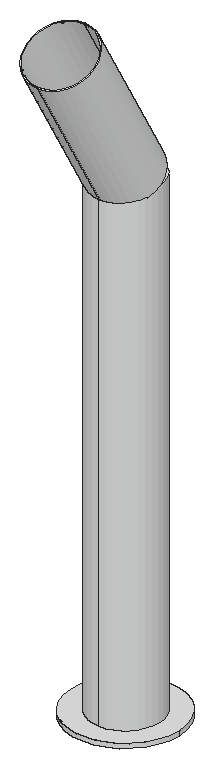
Revit family "Lighting-Surface-Amerlux-Finch-FIN9-SMA", category Lighting Fixtures, host Face, Revit 2020
Family settings
  Host = Face
  Round Connector Dimension = Use Diameter
  Part Type = Normal
  Cut with Voids When Loaded = No
  Light Source = Yes
  Shared = No
  Room Calculation Point = No
Parameters (values of type "FIN9-SMF")
  Wattage = 9.2903 W
  built-in parameter 1150110 = 1 (stored number, unit not read)
  Voltage = 0 V
  Uplight [instance] = yes
  URL = "http://www.amerlux.com/"
  built-in parameter 1114217 = 1 (stored number, unit not read)
  Tilt Angle = -90.00°
  built-in parameter 1150109 = 1 (stored number, unit not read)
  built-in parameter 1150134 = 3
  built-in parameter 1150113 = 1 (stored number, unit not read)
  Power Factor = 1
  Photometric Web File = "Load File"
  Number of Poles = 1
  built-in parameter 1150142 = (empty or 0)
  Model = "Finch"
  Manufacturer = "Amerlux"
  built-in parameter 1150105 = 109.82 (stored number, unit not read)
  Lumens = 1380 lm
  built-in parameter 1150115 = 1 (stored number, unit not read)
  built-in parameter 1150137 = (empty or 0)
  built-in parameter 1150139 = (empty or 0)
  built-in parameter 1150112 = 1 (stored number, unit not read)
  built-in parameter 1150114 = 1 (stored number, unit not read)
  built-in parameter 1150132 = (empty or 0)
  built-in parameter 1150102 = (empty or 0)
  built-in parameter 1150107 = 3200 (stored number, unit not read)
  built-in parameter 1150138 = (empty or 0)
  built-in parameter 1150106 = 1.0982 (stored number, unit not read)
  Fixture Length = 0' - 9"
  Fixture Finish = Aluminum Finish
  Fixture Angle [instance] = 60.00°
  Emit from Circle Diameter = 0' - 1 1/4"
  Emit Shape Visible in Rendering = no
  built-in parameter 1150104 = 13.8 (stored number, unit not read)
  Dimming Lamp Color Temperature Shift = <None>
  Description = "Surface Mount"
  Default Elevation = 4' - 0"
  Color Filter = 16777215
  built-in parameter 1114218 = 1 (stored number, unit not read)
  built-in parameter 1150133 = 10 (stored number, unit not read)
  Apparent Load = 0 VA
Reference planes (in)
  plane 1 "Center (Front/Back)": y = 0
  plane 2: z = 0
  plane 3 "Center (Left/Right)": x = 0
  plane 4: z = 0
  plane 5: z = 9
  plane 6: y = 3
  plane 7: y = -3
  plane 8: x = -1.73065
  plane 9: x = 1.73065
  plane 10: z = 0.4375
Forms (in)
  Extrusion 1, solid, material "Aluminum Finish"
    sketch origin (0, 0, -16.41762) x (0, 1, 0) y (-1, 0, 0)
      loop
        circle (0, 0) r 0.625
    from 16.5 to 25.41762
  Extrusion 2, solid, material "Aluminum Finish"
    sketch origin (0, 0, 0) x (1, 0, 0) y (0, 1, 0)
      loop
        circle (0, 0) r 1
    from 0 to 0.08238
Lines and regions (in)
  reference lines
    curve 1: line (0, 0, 9) -> (0, -2.59194, 13.48937)
Dimensions and locks (in)
  plane 4 to host face = 0' - 0"
  equal spacing: plane 6, plane 1 "Center (Front/Back)", plane 7
  locked: plane 6 to plane 7 at 6
  "Fixture Length": plane 5 to host face
  diameter of Extrusion 1 sketch curve = 0' - 1 1/4"
  "Fixture Angle": angle plane 5 to curve 1
  "Fixture Angle": angle plane 5 to nested 1
  aligned and locked: plane 2 to host face
  aligned and locked: level to host face
  aligned and locked: plane 3 "Center (Left/Right)" to imposter light
  aligned and locked: plane 5 to Extrusion 1
  aligned and locked: plane 1 "Center (Front/Back)" to curve 1
  aligned and locked: plane 5 to curve 1
  aligned and locked: nested 1 to curve 1
Automatic sketch dimensions
  host sketch curve to host sketch curve = 8' - 0"  (x2)
  plane 1 "Center (Front/Back)" to Extrusion 2 sketch curve = 0' - 0"
  Extrusion 2 sketch curve to plane 3 "Center (Left/Right)" = 0' - 0"
  plane 1 "Center (Front/Back)" to Extrusion 1 sketch curve = 0' - 0"
  Extrusion 1 sketch curve to plane 3 "Center (Left/Right)" = 0' - 0"
  radius of Extrusion 2 sketch curve = 0' - 1"
Nested families (in)
  nested 1: "Family1" at (0, -0.7485, 10.29643) x (0, 0.866, 0.5) z (1, 0, 0), type "Family1"
Connectors (in)
  electrical at (0, 0, 0), driven by "Number of Poles", driven by "Voltage", driven by "Power Factor"
    settings: on Extrusion 2, index 1, voltage 0 V, apparent load 0 VA, apparent load phase1 0 VA, apparent load phase2 0 VA, apparent load phase3 0 VA, power factor 1, load classification "Other", number of poles 1, system type 31, power factor state 1, is connector primary yes, connector utility no, sub classification motor no, connector description ""
Definition of nested family "Family1"
  Parameters
    Material = none
    Default Elevation = 4' - 0"
  Reference planes (in)
    plane 1 "Center (Front/Back)": y = 0
    plane 2: z = 0
    plane 3 "Center (Left/Right)": x = 0
  Forms (in)
    Extrusion 1, solid
      sketch origin (0, 0, 0) x (1, 0, 0) y (0, 1, 0)
        loop
          line (-48, 48) -> (-48, -48) -> (48, -48) -> (48, 48) -> (-48, 48)
      from 0 to -12
    Extrusion 2, solid, material <- "Material"
      sketch origin (0, 0.01599, 0.00763) x (1, 0, 0) y (0, 0, -1)
        loop
          circle (0, 0) r 0.625
        loop
          circle (0, 0) r 0.60579
      from -1.51299 to 1.48701
  Dimensions and locks (in)
    Extrusion 2 to Extrusion 2 = 0' - 3"
    aligned and locked: plane 2 to Extrusion 1
    aligned and locked: level to Extrusion 1
